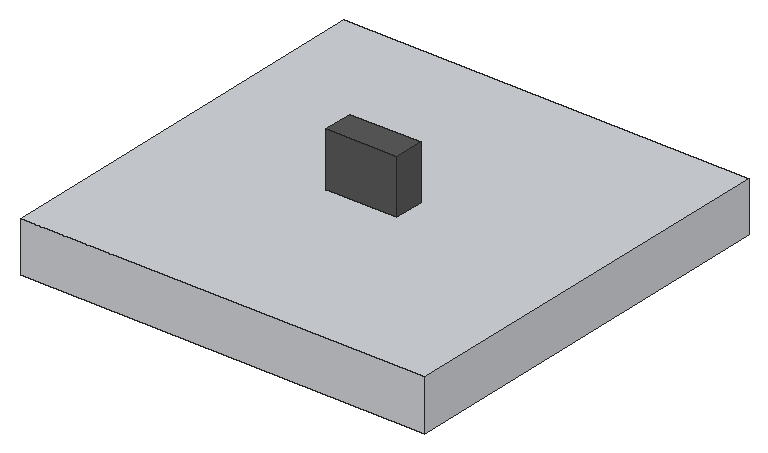
Revit family "r2018_videomax_server_OPS-SKUD_nastolnogo_ispolneniya", category Устройства связи, Revit 2018
Family settings
  Основа = Грань
  Сохранять ориентацию аннотаций = Да
  Размер круглого соединителя = Использовать диаметр
  Тип детали = Нормальный
  При загрузке вырезать с полостями = Нет
  Общий = Нет
  Точка расчета площади = Нет
Parameters (values of type "MINI TOWER")
  Ширина = 180 mm
  Указания по монтажу = "Для настольного размещения. Специальные монтажные аксессуары не требуются."
  Тип линейки = "Standart"
  Модель = ""
  Количество USB-портов, шт. = 2
  Количество COM-портов, шт. = 2
  Изображение типоразмера = Mini Tower.png
  Глубина = 425 mm
  Высота = 325 mm
  Material = Черный
  Стоимость = 0
  Default Elevation = 2600 mm
  Максимальное тепловыделение, BTU/h = Максимальная потребляемая мощность Вт * 3.412  # 0
  Максимальное количество подключаемых мониторов, шт = 0
  Максимальная потребляемая мощность Вт = 0
  Максимальная мощность БП, Вт = 0
  Количество интерфейсов Gigabit LAN, шт = 1
  Количество входов 230V, шт = 1
  Изготовитель = "ООО «Видеомакс»"  # constant formula
  URL = "https://www.videomax-server.ru/"
  LOD 500 [instance] = yes
  LOD 300 [instance] = yes
  ADSK_Этаж [instance] = ""
  ADSK_Ток = 0 A
  ADSK_Примечание [instance] = ""
  ADSK_Позиция [instance] = ""
  ADSK_Обозначение = "MINI TOWER"
  ADSK_Номинальная мощность = 0 VA
  ADSK_Напряжение = 230 V
  ADSK_Наименование = "Сервер ОПС-СКУД настольного исполнения MINI TOWER"
  ADSK_Масса = 0
  ADSK_Марка = "VIDEOMAX-SB"  # constant formula
  ADSK_Коэффициент мощности = 0.96
  ADSK_Количество = 1  # constant formula
  ADSK_Код изделия = "ТУ 26.20.13-005-37165186-2018"  # constant formula
  ADSK_Классификация нагрузок = none
  ADSK_Завод-изготовитель = "ООО «Видеомакс»"  # constant formula
  ADSK_Единица измерения = "шт."  # constant formula
  ADSK_Версия семейства = "v2"  # constant formula
  ADSK_Версия Revit = "2018"  # constant formula
Reference planes
  plane 1 "По центру (Вперед/Назад)": y = 0
  plane 2: z = 0
  plane 3 "По центру (Влево/Вправо)": through (0.038, 0.038, 0) normal (-1, 0.0001, 0)
  plane 4: z = 0
  plane 5: y = 99.468
  plane 6: x = -270.046
  plane 7: y = -80.532
  plane 8: x = 154.954
  plane 9: x = -57.546
  plane 10: y = 9.468
Forms (mm)
  Extrusion 1, solid
    sketch origin (-0.8, 20.8, 0) x (1, 0, 0) y (0, 1, 0)
      loop
        line (-1219.2, 1219.2) -> (-1219.2, -1219.2) -> (1219.2, -1219.2) -> (1219.2, 1219.2) -> (-1219.2, 1219.2)
    from 0 to -304.8
  Extrusion 2, solid, material "Черный" <- "Material", detail levels medium+fine
    sketch origin (-0.046, -3.103, 0) x (0, -1, 0) y (1, 0, 0)
      loop
        line (-102.57, -270) -> (77.43, -270) -> (77.43, 155) -> (-102.57, 155) -> (-102.57, -270)
    from 0 to 325
Lines and regions (mm)
  reference lines
    curve 1: line (-57.546, 95.362, 34.666) -> (-57.546, -79.638, 34.666)
    curve 2: line (-155.546, 9.424, 34.666) -> (-269.046, 9.424, 34.666)
  model lines, detail levels coarse
    curve 3: line (-270.046, 99.468, 0) -> (137.954, 99.468, 0)
    curve 4: line (137.954, -80.532, 0) -> (-270.046, -80.532, 0)
    curve 5: line (-270.046, -80.532, 0) -> (-270.046, 99.468, 0)
    curve 6: line (137.954, 99.468, 0) -> (137.954, -80.532, 0)
  model lines, style "InvisibleLines", detail levels coarse
    curve 7: line (137.954, 9.468, 0) -> (-270.046, 9.468, 0)
    curve 8: line (-66.046, 99.468, 0) -> (-66.046, -80.532, 0)
Dimensions and locks
  equal spacing: plane 8, plane 9, plane 6
  plane 8 to plane 6 = 425 mm
  equal spacing: plane 5, plane 10, plane 7
  plane 5 to plane 7 = 180 mm
  Extrusion 2 to Extrusion 2 = 325 mm
  aligned and locked: plane 2 to Extrusion 1
  aligned and locked: level to Extrusion 1
  aligned and locked: plane 5 to Extrusion 2  (x2)
  aligned and locked: plane 7 to Extrusion 2  (x2)
  aligned and locked: plane 8 to Extrusion 2  (x2)
  aligned and locked: plane 6 to Extrusion 2  (x2)
  aligned and locked: nested 2 to Extrusion 2  (x2)
  aligned and locked: Extrusion 2 to nested 1
  aligned and locked: Extrusion 2 to nested 4
  aligned and locked: nested 3 to Extrusion 2
  aligned and locked: nested 4 to Extrusion 2
  aligned and locked: Extrusion 2 to nested 3
  aligned and locked: nested 1 to Extrusion 2
Automatic sketch dimensions
  Extrusion 1 sketch curve to Extrusion 1 sketch curve = 2438.4 mm  (x2)
  curve 1 to plane 9 = 0 mm
  plane 7 to curve 1 = 0.894 mm
  plane 10 to curve 2 = 0.044 mm
  curve 2 to plane 9 = 98 mm
  plane 6 to curve 2 = 1 mm
  plane 5 to curve 1 = 4.106 mm
  curve 4 to curve 4 = 408 mm
  curve 4 to curve 3 = 180 mm
  curve 3 to curve 8 = 204 mm
  curve 4 to curve 7 = 90 mm
  plane 5 to Extrusion 2 sketch curve = 0 mm
  Extrusion 2 sketch curve to plane 7 = 0 mm
  Extrusion 2 sketch curve to plane 6 = 0 mm
  Extrusion 2 sketch curve to plane 8 = 0 mm
  plane 5 to curve 5 = 0 mm
  curve 7 to plane 6 = 0 mm
  plane 10 to curve 7 = 0 mm
  curve 5 to plane 7 = 0 mm
  curve 8 to plane 9 = 8.5 mm
  plane 8 to curve 3 = 17 mm
Nested families
  nested 1: "videomax_minitower" at (-270.046, 9.467, 8.15) x (0, -1, 0) z (-1, 0, 0), LOD500 <- "LOD 500", type "Front"
    with Right_500 no, Left_500 no, LOD500 yes, Front_500 yes, Back_500 no
  nested 2: "videomax_minitower" at (-57.547, 99.468, 8.15) x (-1, 0, 0) z (0, 1, 0), LOD500 <- "LOD 500", type "Left"
    with Right_500 no, Left_500 yes, LOD500 yes, Front_500 no, Back_500 no
  nested 3: "videomax_minitower" at (154.954, 9.468, 8.15) x (0, 1, 0) z (1, 0, 0), LOD500 <- "LOD 500", type "Back"
    with Right_500 no, Left_500 no, LOD500 yes, Front_500 no, Back_500 yes
  nested 4: "videomax_minitower" at (-57.547, -80.532, 8.15) x (1, 0, 0) z (0, -1, 0), LOD500 <- "LOD 500", type ""
    with Right_500 yes, Left_500 no, LOD500 yes, Front_500 no, Back_500 no
Connectors
  electrical at (-0.496, -2.303, 0), driven by "ADSK_Напряжение", driven by "ADSK_Коэффициент мощности", driven by "ADSK_Номинальная мощность"
    settings: on Extrusion 1, index 1, voltage 230 V, apparent load 0 VA, apparent load phase1 0 VA, apparent load phase2 0 VA, apparent load phase3 0 VA, power factor 0.96, load classification "Прочее", number of poles 1, system type 30, power factor state 0, is connector primary yes, connector utility yes, sub classification motor no, connector description ""
Definition of nested family "videomax_minitower"
  Parameters (values of type "Front")
    Default Elevation = 1219.2 mm
    Right_500 [instance] = and(Right, LOD500)  # no
    Right = no
    Left_500 [instance] = and(Left, LOD500)  # no
    Left = no
    LOD500 [instance] = yes
    Front_500 [instance] = and(Front, LOD500)  # yes
    Front = yes
    Back_500 [instance] = and(Back, LOD500)  # no
    Back = no
  Types (5, lengths in mm): name | Right | Left_500 | Left | LOD500 | Front_500 | Front | Back_500 | Back
    (no name) | no | no | no | yes | yes | yes | no | no
    Front | no | no | no | yes | yes | yes | no | no
    Back | no | no | no | yes | no | no | yes | yes
    Left | no | yes | yes | yes | no | no | no | no
    Right | yes | no | no | no | no | no | no | no
  Reference planes
    plane 1 "По центру (Вперед/Назад)": y = 0
    plane 2: z = 0
    plane 3 "По центру (Влево/Вправо)": x = 0
  Lines and regions (mm)
    model lines, visible <- "Left_500", detail levels fine
      curve 1: circle (-175.174, 65.385, 0) r 1.91 normal (0, 0, 1)
      curve 2: circle (-179.287, 61.989, 0) r 1.91 normal (0, 0, 1)
      curve 3: circle (-175.174, 58.245, 0) r 1.91 normal (0, 0, 1)
      curve 4: circle (-179.287, 54.849, 0) r 1.91 normal (0, 0, 1)
      curve 5: circle (-175.174, 51.426, 0) r 1.91 normal (0, 0, 1)
      curve 6: circle (-179.287, 48.03, 0) r 1.91 normal (0, 0, 1)
      curve 7: circle (-175.174, 44.287, 0) r 1.91 normal (0, 0, 1)
      curve 8: circle (-179.287, 40.891, 0) r 1.91 normal (0, 0, 1)
      curve 9: circle (-175.174, 37.467, 0) r 1.91 normal (0, 0, 1)
      curve 10: circle (-179.287, 34.316, 0) r 1.91 normal (0, 0, 1)
      curve 11: circle (-175.174, 30.572, 0) r 1.91 normal (0, 0, 1)
      curve 12: circle (-179.287, 27.176, 0) r 1.91 normal (0, 0, 1)
      curve 13: circle (-166.946, 65.291, 0) r 1.91 normal (0, 0, 1)
      curve 14: circle (-171.06, 61.895, 0) r 1.91 normal (0, 0, 1)
      curve 15: circle (-166.946, 58.151, 0) r 1.91 normal (0, 0, 1)
      curve 16: circle (-171.06, 54.755, 0) r 1.91 normal (0, 0, 1)
      curve 17: circle (-166.946, 51.332, 0) r 1.91 normal (0, 0, 1)
      curve 18: circle (-171.06, 47.936, 0) r 1.91 normal (0, 0, 1)
      curve 19: circle (-166.946, 44.192, 0) r 1.91 normal (0, 0, 1)
      curve 20: circle (-171.06, 40.796, 0) r 1.91 normal (0, 0, 1)
      curve 21: circle (-166.946, 37.373, 0) r 1.91 normal (0, 0, 1)
      curve 22: circle (-171.06, 34.221, 0) r 1.91 normal (0, 0, 1)
      curve 23: circle (-166.946, 30.478, 0) r 1.91 normal (0, 0, 1)
      curve 24: circle (-171.06, 27.082, 0) r 1.91 normal (0, 0, 1)
      curve 25: circle (-158.719, 65.479, 0) r 1.91 normal (0, 0, 1)
      curve 26: circle (-162.832, 62.083, 0) r 1.91 normal (0, 0, 1)
      curve 27: circle (-158.719, 58.34, 0) r 1.91 normal (0, 0, 1)
      curve 28: circle (-162.832, 54.944, 0) r 1.91 normal (0, 0, 1)
      curve 29: circle (-158.719, 51.521, 0) r 1.91 normal (0, 0, 1)
      curve 30: circle (-162.832, 48.125, 0) r 1.91 normal (0, 0, 1)
      curve 31: circle (-158.719, 44.381, 0) r 1.91 normal (0, 0, 1)
      curve 32: circle (-162.832, 40.985, 0) r 1.91 normal (0, 0, 1)
      curve 33: circle (-158.719, 37.562, 0) r 1.91 normal (0, 0, 1)
      curve 34: circle (-162.832, 34.41, 0) r 1.91 normal (0, 0, 1)
      curve 35: circle (-158.719, 30.666, 0) r 1.91 normal (0, 0, 1)
      curve 36: circle (-162.832, 27.271, 0) r 1.91 normal (0, 0, 1)
      curve 37: circle (-150.491, 65.243, 0) r 1.91 normal (0, 0, 1)
      curve 38: circle (-154.605, 61.848, 0) r 1.91 normal (0, 0, 1)
      curve 39: circle (-150.491, 58.104, 0) r 1.91 normal (0, 0, 1)
      curve 40: circle (-154.605, 54.708, 0) r 1.91 normal (0, 0, 1)
      curve 41: circle (-150.491, 51.285, 0) r 1.91 normal (0, 0, 1)
      curve 42: circle (-154.605, 47.889, 0) r 1.91 normal (0, 0, 1)
      curve 43: circle (-150.491, 44.145, 0) r 1.91 normal (0, 0, 1)
      curve 44: circle (-154.605, 40.749, 0) r 1.91 normal (0, 0, 1)
      curve 45: circle (-150.491, 37.326, 0) r 1.91 normal (0, 0, 1)
      curve 46: circle (-154.605, 34.174, 0) r 1.91 normal (0, 0, 1)
      curve 47: circle (-150.491, 30.43, 0) r 1.91 normal (0, 0, 1)
      curve 48: circle (-154.605, 27.035, 0) r 1.91 normal (0, 0, 1)
      curve 49: circle (-142.264, 65.385, 0) r 1.91 normal (0, 0, 1)
      curve 50: circle (-146.377, 61.989, 0) r 1.91 normal (0, 0, 1)
      curve 51: circle (-142.264, 58.245, 0) r 1.91 normal (0, 0, 1)
      curve 52: circle (-146.377, 54.849, 0) r 1.91 normal (0, 0, 1)
      curve 53: circle (-142.264, 51.426, 0) r 1.91 normal (0, 0, 1)
      curve 54: circle (-146.377, 48.03, 0) r 1.91 normal (0, 0, 1)
      curve 55: circle (-142.264, 44.287, 0) r 1.91 normal (0, 0, 1)
      curve 56: circle (-146.377, 40.891, 0) r 1.91 normal (0, 0, 1)
      curve 57: circle (-142.264, 37.467, 0) r 1.91 normal (0, 0, 1)
      curve 58: circle (-146.377, 34.316, 0) r 1.91 normal (0, 0, 1)
      curve 59: circle (-142.264, 30.572, 0) r 1.91 normal (0, 0, 1)
      curve 60: circle (-146.377, 27.176, 0) r 1.91 normal (0, 0, 1)
      curve 61: circle (-134.036, 65.291, 0) r 1.91 normal (0, 0, 1)
      curve 62: circle (-138.15, 61.895, 0) r 1.91 normal (0, 0, 1)
      curve 63: circle (-134.036, 58.151, 0) r 1.91 normal (0, 0, 1)
      curve 64: circle (-138.15, 54.755, 0) r 1.91 normal (0, 0, 1)
      curve 65: circle (-134.036, 51.332, 0) r 1.91 normal (0, 0, 1)
      curve 66: circle (-138.15, 47.936, 0) r 1.91 normal (0, 0, 1)
      curve 67: circle (-134.036, 44.192, 0) r 1.91 normal (0, 0, 1)
      curve 68: circle (-138.15, 40.796, 0) r 1.91 normal (0, 0, 1)
      curve 69: circle (-134.036, 37.373, 0) r 1.91 normal (0, 0, 1)
      curve 70: circle (-138.15, 34.221, 0) r 1.91 normal (0, 0, 1)
      curve 71: circle (-134.036, 30.478, 0) r 1.91 normal (0, 0, 1)
      curve 72: circle (-138.15, 27.082, 0) r 1.91 normal (0, 0, 1)
      curve 73: circle (-125.809, 65.479, 0) r 1.91 normal (0, 0, 1)
      curve 74: circle (-129.923, 62.083, 0) r 1.91 normal (0, 0, 1)
      curve 75: circle (-125.809, 58.34, 0) r 1.91 normal (0, 0, 1)
      curve 76: circle (-129.923, 54.944, 0) r 1.91 normal (0, 0, 1)
      curve 77: circle (-125.809, 51.52, 0) r 1.91 normal (0, 0, 1)
      curve 78: circle (-129.923, 48.125, 0) r 1.91 normal (0, 0, 1)
      curve 79: circle (-125.809, 44.381, 0) r 1.91 normal (0, 0, 1)
      curve 80: circle (-129.923, 40.985, 0) r 1.91 normal (0, 0, 1)
      curve 81: circle (-125.809, 37.562, 0) r 1.91 normal (0, 0, 1)
      curve 82: circle (-129.923, 34.41, 0) r 1.91 normal (0, 0, 1)
      curve 83: circle (-125.809, 30.666, 0) r 1.91 normal (0, 0, 1)
      curve 84: circle (-129.923, 27.27, 0) r 1.91 normal (0, 0, 1)
      curve 85: circle (-117.581, 65.385, 0) r 1.91 normal (0, 0, 1)
      curve 86: circle (-121.695, 61.989, 0) r 1.91 normal (0, 0, 1)
      curve 87: circle (-117.581, 58.245, 0) r 1.91 normal (0, 0, 1)
      curve 88: circle (-121.695, 54.849, 0) r 1.91 normal (0, 0, 1)
      curve 89: circle (-117.581, 51.426, 0) r 1.91 normal (0, 0, 1)
      curve 90: circle (-121.695, 48.03, 0) r 1.91 normal (0, 0, 1)
      curve 91: circle (-117.581, 44.287, 0) r 1.91 normal (0, 0, 1)
      curve 92: circle (-121.695, 40.891, 0) r 1.91 normal (0, 0, 1)
      curve 93: circle (-117.581, 37.467, 0) r 1.91 normal (0, 0, 1)
      curve 94: circle (-121.695, 34.316, 0) r 1.91 normal (0, 0, 1)
      curve 95: circle (-117.581, 30.572, 0) r 1.91 normal (0, 0, 1)
      curve 96: circle (-121.695, 27.176, 0) r 1.91 normal (0, 0, 1)
      curve 97: circle (-109.354, 65.574, 0) r 1.91 normal (0, 0, 1)
      curve 98: circle (-113.467, 62.178, 0) r 1.91 normal (0, 0, 1)
      curve 99: circle (-109.354, 58.434, 0) r 1.91 normal (0, 0, 1)
      curve 100: circle (-113.467, 55.038, 0) r 1.91 normal (0, 0, 1)
      curve 101: circle (-109.354, 51.615, 0) r 1.91 normal (0, 0, 1)
      curve 102: circle (-113.467, 48.219, 0) r 1.91 normal (0, 0, 1)
      curve 103: circle (-109.354, 44.475, 0) r 1.91 normal (0, 0, 1)
      curve 104: circle (-113.467, 41.079, 0) r 1.91 normal (0, 0, 1)
      curve 105: circle (-109.354, 37.656, 0) r 1.91 normal (0, 0, 1)
      curve 106: circle (-113.467, 34.504, 0) r 1.91 normal (0, 0, 1)
      curve 107: circle (-109.354, 30.761, 0) r 1.91 normal (0, 0, 1)
      curve 108: circle (-113.467, 27.365, 0) r 1.91 normal (0, 0, 1)
      curve 109: circle (-101.126, 65.338, 0) r 1.91 normal (0, 0, 1)
      curve 110: circle (-105.24, 61.942, 0) r 1.91 normal (0, 0, 1)
      curve 111: circle (-101.126, 58.198, 0) r 1.91 normal (0, 0, 1)
      curve 112: circle (-105.24, 54.802, 0) r 1.91 normal (0, 0, 1)
      curve 113: circle (-101.126, 51.379, 0) r 1.91 normal (0, 0, 1)
      curve 114: circle (-105.24, 47.983, 0) r 1.91 normal (0, 0, 1)
      curve 115: circle (-101.126, 44.239, 0) r 1.91 normal (0, 0, 1)
      curve 116: circle (-105.24, 40.844, 0) r 1.91 normal (0, 0, 1)
      curve 117: circle (-101.126, 37.42, 0) r 1.91 normal (0, 0, 1)
      curve 118: circle (-105.24, 34.269, 0) r 1.91 normal (0, 0, 1)
      curve 119: circle (-101.126, 30.525, 0) r 1.91 normal (0, 0, 1)
      curve 120: circle (-105.24, 27.129, 0) r 1.91 normal (0, 0, 1)
      curve 121: circle (-92.899, 65.479, 0) r 1.91 normal (0, 0, 1)
      curve 122: circle (-97.013, 62.083, 0) r 1.91 normal (0, 0, 1)
      curve 123: circle (-92.899, 58.34, 0) r 1.91 normal (0, 0, 1)
      curve 124: circle (-97.013, 54.944, 0) r 1.91 normal (0, 0, 1)
      curve 125: circle (-92.899, 51.52, 0) r 1.91 normal (0, 0, 1)
      curve 126: circle (-97.013, 48.125, 0) r 1.91 normal (0, 0, 1)
      curve 127: circle (-92.899, 44.381, 0) r 1.91 normal (0, 0, 1)
      curve 128: circle (-97.013, 40.985, 0) r 1.91 normal (0, 0, 1)
      curve 129: circle (-92.899, 37.562, 0) r 1.91 normal (0, 0, 1)
      curve 130: circle (-97.013, 34.41, 0) r 1.91 normal (0, 0, 1)
      curve 131: circle (-92.899, 30.666, 0) r 1.91 normal (0, 0, 1)
      curve 132: circle (-97.013, 27.27, 0) r 1.91 normal (0, 0, 1)
      curve 133: circle (-84.672, 65.385, 0) r 1.91 normal (0, 0, 1)
      curve 134: circle (-88.785, 61.989, 0) r 1.91 normal (0, 0, 1)
      curve 135: circle (-84.672, 58.245, 0) r 1.91 normal (0, 0, 1)
      curve 136: circle (-88.785, 54.849, 0) r 1.91 normal (0, 0, 1)
      curve 137: circle (-84.672, 51.426, 0) r 1.91 normal (0, 0, 1)
      curve 138: circle (-88.785, 48.03, 0) r 1.91 normal (0, 0, 1)
      curve 139: circle (-84.672, 44.287, 0) r 1.91 normal (0, 0, 1)
      curve 140: circle (-88.785, 40.891, 0) r 1.91 normal (0, 0, 1)
      curve 141: circle (-84.672, 37.467, 0) r 1.91 normal (0, 0, 1)
      curve 142: circle (-88.785, 34.316, 0) r 1.91 normal (0, 0, 1)
      curve 143: circle (-84.672, 30.572, 0) r 1.91 normal (0, 0, 1)
      curve 144: circle (-88.785, 27.176, 0) r 1.91 normal (0, 0, 1)
      curve 145: circle (-76.236, 65.432, 0) r 1.91 normal (0, 0, 1)
      curve 146: circle (-80.349, 62.036, 0) r 1.91 normal (0, 0, 1)
      curve 147: circle (-76.236, 58.292, 0) r 1.91 normal (0, 0, 1)
      curve 148: circle (-80.349, 54.897, 0) r 1.91 normal (0, 0, 1)
      curve 149: circle (-76.236, 51.473, 0) r 1.91 normal (0, 0, 1)
      curve 150: circle (-80.349, 48.078, 0) r 1.91 normal (0, 0, 1)
      curve 151: circle (-76.236, 44.334, 0) r 1.91 normal (0, 0, 1)
      curve 152: circle (-80.349, 40.938, 0) r 1.91 normal (0, 0, 1)
      curve 153: circle (-76.236, 37.515, 0) r 1.91 normal (0, 0, 1)
      curve 154: circle (-80.349, 34.363, 0) r 1.91 normal (0, 0, 1)
      curve 155: circle (-76.236, 30.619, 0) r 1.91 normal (0, 0, 1)
      curve 156: circle (-80.349, 27.223, 0) r 1.91 normal (0, 0, 1)
      curve 157: circle (-68.008, 65.338, 0) r 1.91 normal (0, 0, 1)
      curve 158: circle (-72.122, 61.942, 0) r 1.91 normal (0, 0, 1)
      curve 159: circle (-68.008, 58.198, 0) r 1.91 normal (0, 0, 1)
      curve 160: circle (-72.122, 54.802, 0) r 1.91 normal (0, 0, 1)
      curve 161: circle (-68.008, 51.379, 0) r 1.91 normal (0, 0, 1)
      curve 162: circle (-72.122, 47.983, 0) r 1.91 normal (0, 0, 1)
      curve 163: circle (-68.008, 44.239, 0) r 1.91 normal (0, 0, 1)
      curve 164: circle (-72.122, 40.844, 0) r 1.91 normal (0, 0, 1)
      curve 165: circle (-68.008, 37.42, 0) r 1.91 normal (0, 0, 1)
      curve 166: circle (-72.122, 34.269, 0) r 1.91 normal (0, 0, 1)
      curve 167: circle (-68.008, 30.525, 0) r 1.91 normal (0, 0, 1)
      curve 168: circle (-72.122, 27.129, 0) r 1.91 normal (0, 0, 1)
      curve 169: circle (-59.781, 65.526, 0) r 1.91 normal (0, 0, 1)
      curve 170: circle (-63.894, 62.131, 0) r 1.91 normal (0, 0, 1)
      curve 171: circle (-59.781, 58.387, 0) r 1.91 normal (0, 0, 1)
      curve 172: circle (-63.894, 54.991, 0) r 1.91 normal (0, 0, 1)
      curve 173: circle (-59.781, 51.568, 0) r 1.91 normal (0, 0, 1)
      curve 174: circle (-63.894, 48.172, 0) r 1.91 normal (0, 0, 1)
      curve 175: circle (-59.781, 44.428, 0) r 1.91 normal (0, 0, 1)
      curve 176: circle (-63.894, 41.032, 0) r 1.91 normal (0, 0, 1)
      curve 177: circle (-59.781, 37.609, 0) r 1.91 normal (0, 0, 1)
      curve 178: circle (-63.894, 34.457, 0) r 1.91 normal (0, 0, 1)
      curve 179: circle (-59.781, 30.714, 0) r 1.91 normal (0, 0, 1)
      curve 180: circle (-63.894, 27.318, 0) r 1.91 normal (0, 0, 1)
      curve 181: circle (-51.553, 65.291, 0) r 1.91 normal (0, 0, 1)
      curve 182: circle (-55.667, 61.895, 0) r 1.91 normal (0, 0, 1)
      curve 183: circle (-51.553, 58.151, 0) r 1.91 normal (0, 0, 1)
      curve 184: circle (-55.667, 54.755, 0) r 1.91 normal (0, 0, 1)
      curve 185: circle (-51.553, 51.332, 0) r 1.91 normal (0, 0, 1)
      curve 186: circle (-55.667, 47.936, 0) r 1.91 normal (0, 0, 1)
      curve 187: circle (-51.553, 44.192, 0) r 1.91 normal (0, 0, 1)
      curve 188: circle (-55.667, 40.796, 0) r 1.91 normal (0, 0, 1)
      curve 189: circle (-51.553, 37.373, 0) r 1.91 normal (0, 0, 1)
      curve 190: circle (-55.667, 34.221, 0) r 1.91 normal (0, 0, 1)
      curve 191: circle (-51.553, 30.478, 0) r 1.91 normal (0, 0, 1)
      curve 192: circle (-55.667, 27.082, 0) r 1.91 normal (0, 0, 1)
      curve 193: circle (-43.326, 65.432, 0) r 1.91 normal (0, 0, 1)
      curve 194: circle (-47.439, 62.036, 0) r 1.91 normal (0, 0, 1)
      curve 195: circle (-43.326, 58.292, 0) r 1.91 normal (0, 0, 1)
      curve 196: circle (-47.439, 54.897, 0) r 1.91 normal (0, 0, 1)
      curve 197: circle (-43.326, 51.473, 0) r 1.91 normal (0, 0, 1)
      curve 198: circle (-47.439, 48.078, 0) r 1.91 normal (0, 0, 1)
      curve 199: circle (-43.326, 44.334, 0) r 1.91 normal (0, 0, 1)
      curve 200: circle (-47.439, 40.938, 0) r 1.91 normal (0, 0, 1)
      curve 201: circle (-43.326, 37.515, 0) r 1.91 normal (0, 0, 1)
      curve 202: circle (-47.439, 34.363, 0) r 1.91 normal (0, 0, 1)
      curve 203: circle (-43.326, 30.619, 0) r 1.91 normal (0, 0, 1)
      curve 204: circle (-47.439, 27.223, 0) r 1.91 normal (0, 0, 1)
      curve 205: circle (-35.098, 65.338, 0) r 1.91 normal (0, 0, 1)
      curve 206: circle (-39.212, 61.942, 0) r 1.91 normal (0, 0, 1)
      curve 207: circle (-35.098, 58.198, 0) r 1.91 normal (0, 0, 1)
      curve 208: circle (-39.212, 54.802, 0) r 1.91 normal (0, 0, 1)
      curve 209: circle (-35.098, 51.379, 0) r 1.91 normal (0, 0, 1)
      curve 210: circle (-39.212, 47.983, 0) r 1.91 normal (0, 0, 1)
      curve 211: circle (-35.098, 44.239, 0) r 1.91 normal (0, 0, 1)
      curve 212: circle (-39.212, 40.844, 0) r 1.91 normal (0, 0, 1)
      curve 213: circle (-35.098, 37.42, 0) r 1.91 normal (0, 0, 1)
      curve 214: circle (-39.212, 34.269, 0) r 1.91 normal (0, 0, 1)
      curve 215: circle (-35.098, 30.525, 0) r 1.91 normal (0, 0, 1)
      curve 216: circle (-39.212, 27.129, 0) r 1.91 normal (0, 0, 1)
      curve 217: circle (-26.917, 65.385, 0) r 1.91 normal (0, 0, 1)
      curve 218: circle (-31.031, 61.989, 0) r 1.91 normal (0, 0, 1)
      curve 219: circle (-26.917, 58.245, 0) r 1.91 normal (0, 0, 1)
      curve 220: circle (-31.031, 54.849, 0) r 1.91 normal (0, 0, 1)
      curve 221: circle (-26.917, 51.426, 0) r 1.91 normal (0, 0, 1)
      curve 222: circle (-31.031, 48.03, 0) r 1.91 normal (0, 0, 1)
      curve 223: circle (-26.917, 44.287, 0) r 1.91 normal (0, 0, 1)
      curve 224: circle (-31.031, 40.891, 0) r 1.91 normal (0, 0, 1)
      curve 225: circle (-26.917, 37.467, 0) r 1.91 normal (0, 0, 1)
      curve 226: circle (-31.031, 34.316, 0) r 1.91 normal (0, 0, 1)
      curve 227: circle (-26.917, 30.572, 0) r 1.91 normal (0, 0, 1)
      curve 228: circle (-31.031, 27.176, 0) r 1.91 normal (0, 0, 1)
      curve 229: circle (-18.69, 65.291, 0) r 1.91 normal (0, 0, 1)
      curve 230: circle (-22.804, 61.895, 0) r 1.91 normal (0, 0, 1)
      curve 231: circle (-18.69, 58.151, 0) r 1.91 normal (0, 0, 1)
      curve 232: circle (-22.804, 54.755, 0) r 1.91 normal (0, 0, 1)
      curve 233: circle (-18.69, 51.332, 0) r 1.91 normal (0, 0, 1)
      curve 234: circle (-22.804, 47.936, 0) r 1.91 normal (0, 0, 1)
      curve 235: circle (-18.69, 44.192, 0) r 1.91 normal (0, 0, 1)
      curve 236: circle (-22.804, 40.796, 0) r 1.91 normal (0, 0, 1)
      curve 237: circle (-18.69, 37.373, 0) r 1.91 normal (0, 0, 1)
      curve 238: circle (-22.804, 34.221, 0) r 1.91 normal (0, 0, 1)
      curve 239: circle (-18.69, 30.478, 0) r 1.91 normal (0, 0, 1)
      curve 240: circle (-22.804, 27.082, 0) r 1.91 normal (0, 0, 1)
      curve 241: circle (-10.462, 65.479, 0) r 1.91 normal (0, 0, 1)
      curve 242: circle (-14.576, 62.083, 0) r 1.91 normal (0, 0, 1)
      curve 243: circle (-10.462, 58.34, 0) r 1.91 normal (0, 0, 1)
      curve 244: circle (-14.576, 54.944, 0) r 1.91 normal (0, 0, 1)
      curve 245: circle (-10.462, 51.521, 0) r 1.91 normal (0, 0, 1)
      curve 246: circle (-14.576, 48.125, 0) r 1.91 normal (0, 0, 1)
      curve 247: circle (-10.462, 44.381, 0) r 1.91 normal (0, 0, 1)
      curve 248: circle (-14.576, 40.985, 0) r 1.91 normal (0, 0, 1)
      curve 249: circle (-10.462, 37.562, 0) r 1.91 normal (0, 0, 1)
      curve 250: circle (-14.576, 34.41, 0) r 1.91 normal (0, 0, 1)
      curve 251: circle (-10.462, 30.666, 0) r 1.91 normal (0, 0, 1)
      curve 252: circle (-14.576, 27.271, 0) r 1.91 normal (0, 0, 1)
      curve 253: circle (-2.235, 65.243, 0) r 1.91 normal (0, 0, 1)
      curve 254: circle (-6.349, 61.848, 0) r 1.91 normal (0, 0, 1)
      curve 255: circle (-2.235, 58.104, 0) r 1.91 normal (0, 0, 1)
      curve 256: circle (-6.349, 54.708, 0) r 1.91 normal (0, 0, 1)
      curve 257: circle (-2.235, 51.285, 0) r 1.91 normal (0, 0, 1)
      curve 258: circle (-6.349, 47.889, 0) r 1.91 normal (0, 0, 1)
      curve 259: circle (-2.235, 44.145, 0) r 1.91 normal (0, 0, 1)
      curve 260: circle (-6.349, 40.749, 0) r 1.91 normal (0, 0, 1)
      curve 261: circle (-2.235, 37.326, 0) r 1.91 normal (0, 0, 1)
      curve 262: circle (-6.349, 34.174, 0) r 1.91 normal (0, 0, 1)
      curve 263: circle (-2.235, 30.43, 0) r 1.91 normal (0, 0, 1)
      curve 264: circle (-6.349, 27.035, 0) r 1.91 normal (0, 0, 1)
      curve 265: circle (5.992, 65.385, 0) r 1.91 normal (0, 0, 1)
      curve 266: circle (1.879, 61.989, 0) r 1.91 normal (0, 0, 1)
      curve 267: circle (5.992, 58.245, 0) r 1.91 normal (0, 0, 1)
      curve 268: circle (1.879, 54.849, 0) r 1.91 normal (0, 0, 1)
      curve 269: circle (5.992, 51.426, 0) r 1.91 normal (0, 0, 1)
      curve 270: circle (1.879, 48.03, 0) r 1.91 normal (0, 0, 1)
      curve 271: circle (5.992, 44.287, 0) r 1.91 normal (0, 0, 1)
      curve 272: circle (1.879, 40.891, 0) r 1.91 normal (0, 0, 1)
      curve 273: circle (5.992, 37.467, 0) r 1.91 normal (0, 0, 1)
      curve 274: circle (1.879, 34.316, 0) r 1.91 normal (0, 0, 1)
      curve 275: circle (5.992, 30.572, 0) r 1.91 normal (0, 0, 1)
      curve 276: circle (1.879, 27.176, 0) r 1.91 normal (0, 0, 1)
      curve 277: circle (14.22, 65.291, 0) r 1.91 normal (0, 0, 1)
      curve 278: circle (10.106, 61.895, 0) r 1.91 normal (0, 0, 1)
      curve 279: circle (14.22, 58.151, 0) r 1.91 normal (0, 0, 1)
      curve 280: circle (10.106, 54.755, 0) r 1.91 normal (0, 0, 1)
      curve 281: circle (14.22, 51.332, 0) r 1.91 normal (0, 0, 1)
      curve 282: circle (10.106, 47.936, 0) r 1.91 normal (0, 0, 1)
      curve 283: circle (14.22, 44.192, 0) r 1.91 normal (0, 0, 1)
      curve 284: circle (10.106, 40.796, 0) r 1.91 normal (0, 0, 1)
      curve 285: circle (14.22, 37.373, 0) r 1.91 normal (0, 0, 1)
      curve 286: circle (10.106, 34.221, 0) r 1.91 normal (0, 0, 1)
      curve 287: circle (14.22, 30.478, 0) r 1.91 normal (0, 0, 1)
      curve 288: circle (10.106, 27.082, 0) r 1.91 normal (0, 0, 1)
      curve 289: circle (22.447, 65.479, 0) r 1.91 normal (0, 0, 1)
      curve 290: circle (18.334, 62.083, 0) r 1.91 normal (0, 0, 1)
      curve 291: circle (22.447, 58.34, 0) r 1.91 normal (0, 0, 1)
      curve 292: circle (18.334, 54.944, 0) r 1.91 normal (0, 0, 1)
      curve 293: circle (22.447, 51.52, 0) r 1.91 normal (0, 0, 1)
      curve 294: circle (18.334, 48.125, 0) r 1.91 normal (0, 0, 1)
      curve 295: circle (22.447, 44.381, 0) r 1.91 normal (0, 0, 1)
      curve 296: circle (18.334, 40.985, 0) r 1.91 normal (0, 0, 1)
      curve 297: circle (22.447, 37.562, 0) r 1.91 normal (0, 0, 1)
      curve 298: circle (18.334, 34.41, 0) r 1.91 normal (0, 0, 1)
      curve 299: circle (22.447, 30.666, 0) r 1.91 normal (0, 0, 1)
      curve 300: circle (18.334, 27.27, 0) r 1.91 normal (0, 0, 1)
      curve 301: circle (30.675, 65.385, 0) r 1.91 normal (0, 0, 1)
      curve 302: circle (26.561, 61.989, 0) r 1.91 normal (0, 0, 1)
      curve 303: circle (30.675, 58.245, 0) r 1.91 normal (0, 0, 1)
      curve 304: circle (26.561, 54.849, 0) r 1.91 normal (0, 0, 1)
      curve 305: circle (30.675, 51.426, 0) r 1.91 normal (0, 0, 1)
      curve 306: circle (26.561, 48.03, 0) r 1.91 normal (0, 0, 1)
      curve 307: circle (30.675, 44.287, 0) r 1.91 normal (0, 0, 1)
      curve 308: circle (26.561, 40.891, 0) r 1.91 normal (0, 0, 1)
      curve 309: circle (30.675, 37.467, 0) r 1.91 normal (0, 0, 1)
      curve 310: circle (26.561, 34.316, 0) r 1.91 normal (0, 0, 1)
      curve 311: circle (30.675, 30.572, 0) r 1.91 normal (0, 0, 1)
      curve 312: circle (26.561, 27.176, 0) r 1.91 normal (0, 0, 1)
      curve 313: circle (38.902, 65.574, 0) r 1.91 normal (0, 0, 1)
      curve 314: circle (34.789, 62.178, 0) r 1.91 normal (0, 0, 1)
      curve 315: circle (38.902, 58.434, 0) r 1.91 normal (0, 0, 1)
      curve 316: circle (34.789, 55.038, 0) r 1.91 normal (0, 0, 1)
      curve 317: circle (38.902, 51.615, 0) r 1.91 normal (0, 0, 1)
      curve 318: circle (34.789, 48.219, 0) r 1.91 normal (0, 0, 1)
      curve 319: circle (38.902, 44.475, 0) r 1.91 normal (0, 0, 1)
      curve 320: circle (34.789, 41.079, 0) r 1.91 normal (0, 0, 1)
      curve 321: circle (38.902, 37.656, 0) r 1.91 normal (0, 0, 1)
      curve 322: circle (34.789, 34.504, 0) r 1.91 normal (0, 0, 1)
      curve 323: circle (38.902, 30.761, 0) r 1.91 normal (0, 0, 1)
      curve 324: circle (34.789, 27.365, 0) r 1.91 normal (0, 0, 1)
      curve 325: circle (47.13, 65.338, 0) r 1.91 normal (0, 0, 1)
      curve 326: circle (43.016, 61.942, 0) r 1.91 normal (0, 0, 1)
      curve 327: circle (47.13, 58.198, 0) r 1.91 normal (0, 0, 1)
      curve 328: circle (43.016, 54.802, 0) r 1.91 normal (0, 0, 1)
      curve 329: circle (47.13, 51.379, 0) r 1.91 normal (0, 0, 1)
      curve 330: circle (43.016, 47.983, 0) r 1.91 normal (0, 0, 1)
      curve 331: circle (47.13, 44.239, 0) r 1.91 normal (0, 0, 1)
      curve 332: circle (43.016, 40.844, 0) r 1.91 normal (0, 0, 1)
      curve 333: circle (47.13, 37.42, 0) r 1.91 normal (0, 0, 1)
      curve 334: circle (43.016, 34.269, 0) r 1.91 normal (0, 0, 1)
      curve 335: circle (47.13, 30.525, 0) r 1.91 normal (0, 0, 1)
      curve 336: circle (43.016, 27.129, 0) r 1.91 normal (0, 0, 1)
      curve 337: circle (55.357, 65.479, 0) r 1.91 normal (0, 0, 1)
      curve 338: circle (51.244, 62.083, 0) r 1.91 normal (0, 0, 1)
      curve 339: circle (55.357, 58.34, 0) r 1.91 normal (0, 0, 1)
      curve 340: circle (51.244, 54.944, 0) r 1.91 normal (0, 0, 1)
      curve 341: circle (55.357, 51.52, 0) r 1.91 normal (0, 0, 1)
      curve 342: circle (51.244, 48.125, 0) r 1.91 normal (0, 0, 1)
      curve 343: circle (55.357, 44.381, 0) r 1.91 normal (0, 0, 1)
      curve 344: circle (51.244, 40.985, 0) r 1.91 normal (0, 0, 1)
      curve 345: circle (55.357, 37.562, 0) r 1.91 normal (0, 0, 1)
      curve 346: circle (51.244, 34.41, 0) r 1.91 normal (0, 0, 1)
      curve 347: circle (55.357, 30.666, 0) r 1.91 normal (0, 0, 1)
      curve 348: circle (51.244, 27.27, 0) r 1.91 normal (0, 0, 1)
      curve 349: circle (63.585, 65.385, 0) r 1.91 normal (0, 0, 1)
      curve 350: circle (59.471, 61.989, 0) r 1.91 normal (0, 0, 1)
      curve 351: circle (63.585, 58.245, 0) r 1.91 normal (0, 0, 1)
      curve 352: circle (59.471, 54.849, 0) r 1.91 normal (0, 0, 1)
      curve 353: circle (63.585, 51.426, 0) r 1.91 normal (0, 0, 1)
      curve 354: circle (59.471, 48.03, 0) r 1.91 normal (0, 0, 1)
      curve 355: circle (63.585, 44.287, 0) r 1.91 normal (0, 0, 1)
      curve 356: circle (59.471, 40.891, 0) r 1.91 normal (0, 0, 1)
      curve 357: circle (63.585, 37.467, 0) r 1.91 normal (0, 0, 1)
      curve 358: circle (59.471, 34.316, 0) r 1.91 normal (0, 0, 1)
      curve 359: circle (63.585, 30.572, 0) r 1.91 normal (0, 0, 1)
      curve 360: circle (59.471, 27.176, 0) r 1.91 normal (0, 0, 1)
      curve 361: circle (72.02, 65.432, 0) r 1.91 normal (0, 0, 1)
      curve 362: circle (67.907, 62.036, 0) r 1.91 normal (0, 0, 1)
      curve 363: circle (72.02, 58.292, 0) r 1.91 normal (0, 0, 1)
      curve 364: circle (67.907, 54.897, 0) r 1.91 normal (0, 0, 1)
      curve 365: circle (72.02, 51.473, 0) r 1.91 normal (0, 0, 1)
      curve 366: circle (67.907, 48.078, 0) r 1.91 normal (0, 0, 1)
      curve 367: circle (72.02, 44.334, 0) r 1.91 normal (0, 0, 1)
      curve 368: circle (67.907, 40.938, 0) r 1.91 normal (0, 0, 1)
      curve 369: circle (72.02, 37.515, 0) r 1.91 normal (0, 0, 1)
      curve 370: circle (67.907, 34.363, 0) r 1.91 normal (0, 0, 1)
      curve 371: circle (72.02, 30.619, 0) r 1.91 normal (0, 0, 1)
      curve 372: circle (67.907, 27.223, 0) r 1.91 normal (0, 0, 1)
      curve 373: circle (80.248, 65.338, 0) r 1.91 normal (0, 0, 1)
      curve 374: circle (76.134, 61.942, 0) r 1.91 normal (0, 0, 1)
      curve 375: circle (80.248, 58.198, 0) r 1.91 normal (0, 0, 1)
      curve 376: circle (76.134, 54.802, 0) r 1.91 normal (0, 0, 1)
      curve 377: circle (80.248, 51.379, 0) r 1.91 normal (0, 0, 1)
      curve 378: circle (76.134, 47.983, 0) r 1.91 normal (0, 0, 1)
      curve 379: circle (80.248, 44.239, 0) r 1.91 normal (0, 0, 1)
      curve 380: circle (76.134, 40.844, 0) r 1.91 normal (0, 0, 1)
      curve 381: circle (80.248, 37.42, 0) r 1.91 normal (0, 0, 1)
      curve 382: circle (76.134, 34.269, 0) r 1.91 normal (0, 0, 1)
      curve 383: circle (80.248, 30.525, 0) r 1.91 normal (0, 0, 1)
      curve 384: circle (76.134, 27.129, 0) r 1.91 normal (0, 0, 1)
      curve 385: circle (88.476, 65.526, 0) r 1.91 normal (0, 0, 1)
      curve 386: circle (84.362, 62.131, 0) r 1.91 normal (0, 0, 1)
      curve 387: circle (88.476, 58.387, 0) r 1.91 normal (0, 0, 1)
      curve 388: circle (84.362, 54.991, 0) r 1.91 normal (0, 0, 1)
      curve 389: circle (88.476, 51.568, 0) r 1.91 normal (0, 0, 1)
      curve 390: circle (84.362, 48.172, 0) r 1.91 normal (0, 0, 1)
      curve 391: circle (88.476, 44.428, 0) r 1.91 normal (0, 0, 1)
      curve 392: circle (84.362, 41.032, 0) r 1.91 normal (0, 0, 1)
      curve 393: circle (88.476, 37.609, 0) r 1.91 normal (0, 0, 1)
      curve 394: circle (84.362, 34.457, 0) r 1.91 normal (0, 0, 1)
      curve 395: circle (88.476, 30.714, 0) r 1.91 normal (0, 0, 1)
      curve 396: circle (84.362, 27.318, 0) r 1.91 normal (0, 0, 1)
      curve 397: circle (96.703, 65.291, 0) r 1.91 normal (0, 0, 1)
      curve 398: circle (92.589, 61.895, 0) r 1.91 normal (0, 0, 1)
      curve 399: circle (96.703, 58.151, 0) r 1.91 normal (0, 0, 1)
      curve 400: circle (92.589, 54.755, 0) r 1.91 normal (0, 0, 1)
      curve 401: circle (96.703, 51.332, 0) r 1.91 normal (0, 0, 1)
      curve 402: circle (92.589, 47.936, 0) r 1.91 normal (0, 0, 1)
      curve 403: circle (96.703, 44.192, 0) r 1.91 normal (0, 0, 1)
      curve 404: circle (92.589, 40.796, 0) r 1.91 normal (0, 0, 1)
      curve 405: circle (96.703, 37.373, 0) r 1.91 normal (0, 0, 1)
      curve 406: circle (92.589, 34.221, 0) r 1.91 normal (0, 0, 1)
      curve 407: circle (96.703, 30.478, 0) r 1.91 normal (0, 0, 1)
      curve 408: circle (92.589, 27.082, 0) r 1.91 normal (0, 0, 1)
      curve 409: circle (104.93, 65.432, 0) r 1.91 normal (0, 0, 1)
      curve 410: circle (100.817, 62.036, 0) r 1.91 normal (0, 0, 1)
      curve 411: circle (104.93, 58.292, 0) r 1.91 normal (0, 0, 1)
      curve 412: circle (100.817, 54.897, 0) r 1.91 normal (0, 0, 1)
      curve 413: circle (104.93, 51.473, 0) r 1.91 normal (0, 0, 1)
      curve 414: circle (100.817, 48.078, 0) r 1.91 normal (0, 0, 1)
      curve 415: circle (104.93, 44.334, 0) r 1.91 normal (0, 0, 1)
      curve 416: circle (100.817, 40.938, 0) r 1.91 normal (0, 0, 1)
      curve 417: circle (104.93, 37.515, 0) r 1.91 normal (0, 0, 1)
      curve 418: circle (100.817, 34.363, 0) r 1.91 normal (0, 0, 1)
      curve 419: circle (104.93, 30.619, 0) r 1.91 normal (0, 0, 1)
      curve 420: circle (100.817, 27.223, 0) r 1.91 normal (0, 0, 1)
      curve 421: circle (113.158, 65.338, 0) r 1.91 normal (0, 0, 1)
      curve 422: circle (109.044, 61.942, 0) r 1.91 normal (0, 0, 1)
      curve 423: circle (113.158, 58.198, 0) r 1.91 normal (0, 0, 1)
      curve 424: circle (109.044, 54.802, 0) r 1.91 normal (0, 0, 1)
      curve 425: circle (113.158, 51.379, 0) r 1.91 normal (0, 0, 1)
      curve 426: circle (109.044, 47.983, 0) r 1.91 normal (0, 0, 1)
      curve 427: circle (113.158, 44.239, 0) r 1.91 normal (0, 0, 1)
      curve 428: circle (109.044, 40.844, 0) r 1.91 normal (0, 0, 1)
      curve 429: circle (113.158, 37.42, 0) r 1.91 normal (0, 0, 1)
      curve 430: circle (109.044, 34.269, 0) r 1.91 normal (0, 0, 1)
      curve 431: circle (113.158, 30.525, 0) r 1.91 normal (0, 0, 1)
      curve 432: circle (109.044, 27.129, 0) r 1.91 normal (0, 0, 1)
      curve 433: circle (-143.313, 209.758, 0) r 4.572 normal (0, 0, 1)
      curve 434: circle (-35.578, 209.758, 0) r 4.572 normal (0, 0, 1)
      curve 435: circle (-35.578, 102.042, 0) r 4.572 normal (0, 0, 1)
      curve 436: circle (-143.313, 102.252, 0) r 4.572 normal (0, 0, 1)
      curve 437: arc (-128.952, 192.533, 0) -> (-143.318, 155.913, 0) -> (-128.952, 119.292, 0) r 53.857
      curve 438: arc (-122.982, 125.263, 0) -> (-134.879, 155.913, 0) -> (-122.982, 186.562, 0) r 45.427
      curve 439: arc (-111.273, 174.853, 0) -> (-116.521, 166.022, 0) -> (-118.347, 155.913, 0) r 28.894
      curve 440: arc (-118.347, 155.913, 0) -> (-116.521, 145.803, 0) -> (-111.273, 136.972, 0) r 28.894
      curve 441: arc (-106.685, 141.56, 0) -> (-110.541, 148.281, 0) -> (-111.879, 155.913, 0) r 22.427
      curve 442: arc (-111.879, 155.913, 0) -> (-110.541, 163.545, 0) -> (-106.685, 170.265, 0) r 22.427
      curve 443: arc (-119.896, 183.476, 0) -> (-127.772, 170.683, 0) -> (-130.52, 155.913, 0) r 41.067
      curve 444: arc (-130.52, 155.913, 0) -> (-127.772, 141.143, 0) -> (-119.896, 128.349, 0) r 41.067
      curve 445: arc (-113.92, 134.325, 0) -> (-119.973, 144.373, 0) -> (-122.081, 155.913, 0) r 32.629
      curve 446: arc (-122.081, 155.913, 0) -> (-119.973, 167.452, 0) -> (-113.919, 177.5, 0) r 32.629
      curve 447: arc (-49.953, 192.533, 0) -> (-35.587, 155.913, 0) -> (-49.952, 119.292, 0) r 53.857
      curve 448: arc (-55.923, 125.263, 0) -> (-44.026, 155.913, 0) -> (-55.923, 186.562, 0) r 45.427
      curve 449: arc (-67.632, 174.853, 0) -> (-62.384, 166.022, 0) -> (-60.558, 155.913, 0) r 28.894
      curve 450: arc (-60.558, 155.913, 0) -> (-62.384, 145.803, 0) -> (-67.632, 136.972, 0) r 28.894
      curve 451: arc (-72.22, 141.56, 0) -> (-68.364, 148.281, 0) -> (-67.026, 155.913, 0) r 22.427
      curve 452: arc (-67.026, 155.913, 0) -> (-68.364, 163.545, 0) -> (-72.22, 170.265, 0) r 22.427
      curve 453: arc (-59.009, 183.476, 0) -> (-51.133, 170.683, 0) -> (-48.385, 155.913, 0) r 41.067
      curve 454: arc (-48.385, 155.913, 0) -> (-51.133, 141.143, 0) -> (-59.009, 128.349, 0) r 41.067
      curve 455: arc (-64.985, 134.325, 0) -> (-58.932, 144.373, 0) -> (-56.824, 155.913, 0) r 32.629
      curve 456: arc (-56.824, 155.913, 0) -> (-58.932, 167.452, 0) -> (-64.986, 177.5, 0) r 32.629
      curve 457: arc (-52.832, 116.413, 0) -> (-89.452, 102.047, 0) -> (-126.073, 116.413, 0) r 53.857
      curve 458: arc (-120.102, 122.383, 0) -> (-89.452, 110.486, 0) -> (-58.803, 122.383, 0) r 45.427
      curve 459: arc (-70.512, 134.092, 0) -> (-79.343, 128.844, 0) -> (-89.452, 127.018, 0) r 28.894
      curve 460: arc (-89.452, 127.018, 0) -> (-99.562, 128.844, 0) -> (-108.393, 134.092, 0) r 28.894
      curve 461: arc (-103.805, 138.68, 0) -> (-97.084, 134.824, 0) -> (-89.452, 133.486, 0) r 22.427
      curve 462: arc (-89.452, 133.486, 0) -> (-81.82, 134.824, 0) -> (-75.1, 138.68, 0) r 22.427
      curve 463: arc (-61.889, 125.469, 0) -> (-74.682, 117.593, 0) -> (-89.452, 114.845, 0) r 41.067
      curve 464: arc (-89.452, 114.845, 0) -> (-104.222, 117.593, 0) -> (-117.016, 125.469, 0) r 41.067
      curve 465: arc (-111.04, 131.445, 0) -> (-100.992, 125.392, 0) -> (-89.452, 123.284, 0) r 32.629
      curve 466: arc (-89.452, 123.284, 0) -> (-77.913, 125.392, 0) -> (-67.865, 131.446, 0) r 32.629
      curve 467: arc (-52.832, 195.412, 0) -> (-89.452, 209.778, 0) -> (-126.073, 195.413, 0) r 53.857
      curve 468: arc (-120.102, 189.442, 0) -> (-89.452, 201.339, 0) -> (-58.803, 189.442, 0) r 45.427
      curve 469: arc (-70.512, 177.733, 0) -> (-79.343, 182.981, 0) -> (-89.452, 184.807, 0) r 28.894
      curve 470: arc (-89.452, 184.807, 0) -> (-99.562, 182.981, 0) -> (-108.393, 177.733, 0) r 28.894
      curve 471: arc (-103.805, 173.145, 0) -> (-97.084, 177.001, 0) -> (-89.452, 178.339, 0) r 22.427
      curve 472: arc (-89.452, 178.339, 0) -> (-81.82, 177.001, 0) -> (-75.1, 173.145, 0) r 22.427
      curve 473: arc (-61.889, 186.356, 0) -> (-74.682, 194.232, 0) -> (-89.452, 196.98, 0) r 41.067
      curve 474: arc (-89.452, 196.98, 0) -> (-104.222, 194.232, 0) -> (-117.016, 186.356, 0) r 41.067
      curve 475: arc (-111.04, 180.38, 0) -> (-100.992, 186.433, 0) -> (-89.452, 188.541, 0) r 32.629
      curve 476: arc (-89.452, 188.541, 0) -> (-77.913, 186.433, 0) -> (-67.865, 180.379, 0) r 32.629
      curve 789: line (178.484, 316.85, 0) -> (-212.499, 316.85, 0)
      curve 790: line (-212.499, 316.85, 0) -> (212.499, 316.85, 0)
      curve 791: line (212.499, 316.85, 0) -> (212.499, 0, 0)
      curve 792: line (212.499, 0, 0) -> (-212.499, 0, 0)
      curve 793: line (-212.499, 0, 0) -> (-212.499, 316.85, 0)
      curve 794: line (-212.499, 316.85, 0) -> (-212.499, 308.704, 0)
      curve 795: line (-212.499, 308.704, 0) -> (178.484, 308.704, 0)
      curve 796: line (178.484, 308.704, 0) -> (178.484, 316.85, 0)
      curve 797: line (178.484, 316.85, 0) -> (212.501, 316.85, 0)
      curve 798: line (212.501, 316.85, 0) -> (212.501, 0, 0)
      curve 799: line (212.501, 0, 0) -> (178.484, 0, 0)
      curve 800: line (178.484, 0, 0) -> (178.484, 316.85, 0)
      curve 801: line (-149.249, 95.911, 0) -> (-29.25, 95.911, 0)
      curve 802: line (-29.25, 95.911, 0) -> (-29.25, 215.911, 0)
      curve 803: line (-29.25, 215.911, 0) -> (-149.249, 215.911, 0)
      curve 804: line (-149.249, 215.911, 0) -> (-149.249, 95.911, 0)
      curve 805: line (-122.982, 186.562, 0) -> (-128.952, 192.533, 0)
      curve 806: line (-128.952, 119.292, 0) -> (-122.982, 125.263, 0)
      curve 807: line (-106.685, 170.265, 0) -> (-111.273, 174.853, 0)
      curve 808: line (-111.273, 136.972, 0) -> (-106.685, 141.56, 0)
      curve 809: line (-113.919, 177.5, 0) -> (-119.896, 183.476, 0)
      curve 810: line (-119.896, 128.349, 0) -> (-113.92, 134.325, 0)
      curve 811: line (-55.923, 186.562, 0) -> (-49.953, 192.533, 0)
      curve 812: line (-49.952, 119.292, 0) -> (-55.923, 125.263, 0)
      curve 813: line (-72.22, 170.265, 0) -> (-67.632, 174.853, 0)
      curve 814: line (-67.632, 136.972, 0) -> (-72.22, 141.56, 0)
      curve 815: line (-64.986, 177.5, 0) -> (-59.009, 183.476, 0)
      curve 816: line (-59.009, 128.349, 0) -> (-64.985, 134.325, 0)
      curve 817: line (-58.803, 122.383, 0) -> (-52.832, 116.413, 0)
      curve 818: line (-126.073, 116.413, 0) -> (-120.102, 122.383, 0)
      curve 819: line (-75.1, 138.68, 0) -> (-70.512, 134.092, 0)
      curve 820: line (-108.393, 134.092, 0) -> (-103.805, 138.68, 0)
      curve 821: line (-67.865, 131.446, 0) -> (-61.889, 125.469, 0)
      curve 822: line (-117.016, 125.469, 0) -> (-111.04, 131.445, 0)
      curve 823: line (-58.803, 189.442, 0) -> (-52.832, 195.412, 0)
      curve 824: line (-126.073, 195.413, 0) -> (-120.102, 189.442, 0)
      curve 825: line (-75.1, 173.145, 0) -> (-70.512, 177.733, 0)
      curve 826: line (-108.393, 177.733, 0) -> (-103.805, 173.145, 0)
      curve 827: line (-67.865, 180.379, 0) -> (-61.889, 186.356, 0)
      curve 828: line (-117.016, 186.356, 0) -> (-111.04, 180.38, 0)
      curve 1323: circle (285.542, 65.385, 0) r 1.91 normal (0, 0, 1)
      curve 1324: circle (281.428, 61.989, 0) r 1.91 normal (0, 0, 1)
      curve 1325: circle (285.542, 58.245, 0) r 1.91 normal (0, 0, 1)
      curve 1326: circle (281.428, 54.849, 0) r 1.91 normal (0, 0, 1)
      curve 1327: circle (285.542, 51.426, 0) r 1.91 normal (0, 0, 1)
      curve 1328: circle (281.428, 48.03, 0) r 1.91 normal (0, 0, 1)
      curve 1329: circle (285.542, 44.287, 0) r 1.91 normal (0, 0, 1)
      curve 1330: circle (281.428, 40.891, 0) r 1.91 normal (0, 0, 1)
      curve 1331: circle (285.542, 37.467, 0) r 1.91 normal (0, 0, 1)
      curve 1332: circle (281.428, 34.316, 0) r 1.91 normal (0, 0, 1)
      curve 1333: circle (285.542, 30.572, 0) r 1.91 normal (0, 0, 1)
      curve 1334: circle (281.428, 27.176, 0) r 1.91 normal (0, 0, 1)
      curve 1335: circle (293.769, 65.291, 0) r 1.91 normal (0, 0, 1)
      curve 1336: circle (289.656, 61.895, 0) r 1.91 normal (0, 0, 1)
      curve 1337: circle (293.769, 58.151, 0) r 1.91 normal (0, 0, 1)
      curve 1338: circle (289.656, 54.755, 0) r 1.91 normal (0, 0, 1)
      curve 1339: circle (293.769, 51.332, 0) r 1.91 normal (0, 0, 1)
      curve 1340: circle (289.656, 47.936, 0) r 1.91 normal (0, 0, 1)
      curve 1341: circle (293.769, 44.192, 0) r 1.91 normal (0, 0, 1)
      curve 1342: circle (289.656, 40.796, 0) r 1.91 normal (0, 0, 1)
      curve 1343: circle (293.769, 37.373, 0) r 1.91 normal (0, 0, 1)
      curve 1344: circle (289.656, 34.221, 0) r 1.91 normal (0, 0, 1)
      curve 1345: circle (293.769, 30.478, 0) r 1.91 normal (0, 0, 1)
      curve 1346: circle (289.656, 27.082, 0) r 1.91 normal (0, 0, 1)
      curve 1347: circle (301.997, 65.479, 0) r 1.91 normal (0, 0, 1)
      curve 1348: circle (297.883, 62.083, 0) r 1.91 normal (0, 0, 1)
      curve 1349: circle (301.997, 58.34, 0) r 1.91 normal (0, 0, 1)
      curve 1350: circle (297.883, 54.944, 0) r 1.91 normal (0, 0, 1)
      curve 1351: circle (301.997, 51.521, 0) r 1.91 normal (0, 0, 1)
      curve 1352: circle (297.883, 48.125, 0) r 1.91 normal (0, 0, 1)
      curve 1353: circle (301.997, 44.381, 0) r 1.91 normal (0, 0, 1)
      curve 1354: circle (297.883, 40.985, 0) r 1.91 normal (0, 0, 1)
      curve 1355: circle (301.997, 37.562, 0) r 1.91 normal (0, 0, 1)
      curve 1356: circle (297.883, 34.41, 0) r 1.91 normal (0, 0, 1)
      curve 1357: circle (301.997, 30.666, 0) r 1.91 normal (0, 0, 1)
      curve 1358: circle (297.883, 27.271, 0) r 1.91 normal (0, 0, 1)
      curve 1359: circle (310.224, 65.243, 0) r 1.91 normal (0, 0, 1)
      curve 1360: circle (306.111, 61.848, 0) r 1.91 normal (0, 0, 1)
      curve 1361: circle (310.224, 58.104, 0) r 1.91 normal (0, 0, 1)
      curve 1362: circle (306.111, 54.708, 0) r 1.91 normal (0, 0, 1)
      curve 1363: circle (310.224, 51.285, 0) r 1.91 normal (0, 0, 1)
      curve 1364: circle (306.111, 47.889, 0) r 1.91 normal (0, 0, 1)
      curve 1365: circle (310.224, 44.145, 0) r 1.91 normal (0, 0, 1)
      curve 1366: circle (306.111, 40.749, 0) r 1.91 normal (0, 0, 1)
      curve 1367: circle (310.224, 37.326, 0) r 1.91 normal (0, 0, 1)
      curve 1368: circle (306.111, 34.174, 0) r 1.91 normal (0, 0, 1)
      curve 1369: circle (310.224, 30.43, 0) r 1.91 normal (0, 0, 1)
      curve 1370: circle (306.111, 27.035, 0) r 1.91 normal (0, 0, 1)
      curve 1371: circle (318.452, 65.385, 0) r 1.91 normal (0, 0, 1)
      curve 1372: circle (314.338, 61.989, 0) r 1.91 normal (0, 0, 1)
      curve 1373: circle (318.452, 58.245, 0) r 1.91 normal (0, 0, 1)
      curve 1374: circle (314.338, 54.849, 0) r 1.91 normal (0, 0, 1)
      curve 1375: circle (318.452, 51.426, 0) r 1.91 normal (0, 0, 1)
      curve 1376: circle (314.338, 48.03, 0) r 1.91 normal (0, 0, 1)
      curve 1377: circle (318.452, 44.287, 0) r 1.91 normal (0, 0, 1)
      curve 1378: circle (314.338, 40.891, 0) r 1.91 normal (0, 0, 1)
      curve 1379: circle (318.452, 37.467, 0) r 1.91 normal (0, 0, 1)
      curve 1380: circle (314.338, 34.316, 0) r 1.91 normal (0, 0, 1)
      curve 1381: circle (318.452, 30.572, 0) r 1.91 normal (0, 0, 1)
      curve 1382: circle (314.338, 27.176, 0) r 1.91 normal (0, 0, 1)
      curve 1383: circle (326.679, 65.291, 0) r 1.91 normal (0, 0, 1)
      curve 1384: circle (322.566, 61.895, 0) r 1.91 normal (0, 0, 1)
      curve 1385: circle (326.679, 58.151, 0) r 1.91 normal (0, 0, 1)
      curve 1386: circle (322.566, 54.755, 0) r 1.91 normal (0, 0, 1)
      curve 1387: circle (326.679, 51.332, 0) r 1.91 normal (0, 0, 1)
      curve 1388: circle (322.566, 47.936, 0) r 1.91 normal (0, 0, 1)
      curve 1389: circle (326.679, 44.192, 0) r 1.91 normal (0, 0, 1)
      curve 1390: circle (322.566, 40.796, 0) r 1.91 normal (0, 0, 1)
      curve 1391: circle (326.679, 37.373, 0) r 1.91 normal (0, 0, 1)
      curve 1392: circle (322.566, 34.221, 0) r 1.91 normal (0, 0, 1)
      curve 1393: circle (326.679, 30.478, 0) r 1.91 normal (0, 0, 1)
      curve 1394: circle (322.566, 27.082, 0) r 1.91 normal (0, 0, 1)
      curve 1395: circle (334.907, 65.479, 0) r 1.91 normal (0, 0, 1)
      curve 1396: circle (330.793, 62.083, 0) r 1.91 normal (0, 0, 1)
      curve 1397: circle (334.907, 58.34, 0) r 1.91 normal (0, 0, 1)
      curve 1398: circle (330.793, 54.944, 0) r 1.91 normal (0, 0, 1)
      curve 1399: circle (334.907, 51.52, 0) r 1.91 normal (0, 0, 1)
      curve 1400: circle (330.793, 48.125, 0) r 1.91 normal (0, 0, 1)
      curve 1401: circle (334.907, 44.381, 0) r 1.91 normal (0, 0, 1)
      curve 1402: circle (330.793, 40.985, 0) r 1.91 normal (0, 0, 1)
      curve 1403: circle (334.907, 37.562, 0) r 1.91 normal (0, 0, 1)
      curve 1404: circle (330.793, 34.41, 0) r 1.91 normal (0, 0, 1)
      curve 1405: circle (334.907, 30.666, 0) r 1.91 normal (0, 0, 1)
      curve 1406: circle (330.793, 27.27, 0) r 1.91 normal (0, 0, 1)
      curve 1407: circle (343.134, 65.385, 0) r 1.91 normal (0, 0, 1)
      curve 1408: circle (339.02, 61.989, 0) r 1.91 normal (0, 0, 1)
      curve 1409: circle (343.134, 58.245, 0) r 1.91 normal (0, 0, 1)
      curve 1410: circle (339.02, 54.849, 0) r 1.91 normal (0, 0, 1)
      curve 1411: circle (343.134, 51.426, 0) r 1.91 normal (0, 0, 1)
      curve 1412: circle (339.02, 48.03, 0) r 1.91 normal (0, 0, 1)
      curve 1413: circle (343.134, 44.287, 0) r 1.91 normal (0, 0, 1)
      curve 1414: circle (339.02, 40.891, 0) r 1.91 normal (0, 0, 1)
      curve 1415: circle (343.134, 37.467, 0) r 1.91 normal (0, 0, 1)
      curve 1416: circle (339.02, 34.316, 0) r 1.91 normal (0, 0, 1)
      curve 1417: circle (343.134, 30.572, 0) r 1.91 normal (0, 0, 1)
      curve 1418: circle (339.02, 27.176, 0) r 1.91 normal (0, 0, 1)
      curve 1419: circle (351.362, 65.574, 0) r 1.91 normal (0, 0, 1)
      curve 1420: circle (347.248, 62.178, 0) r 1.91 normal (0, 0, 1)
      curve 1421: circle (351.362, 58.434, 0) r 1.91 normal (0, 0, 1)
      curve 1422: circle (347.248, 55.038, 0) r 1.91 normal (0, 0, 1)
      curve 1423: circle (351.362, 51.615, 0) r 1.91 normal (0, 0, 1)
      curve 1424: circle (347.248, 48.219, 0) r 1.91 normal (0, 0, 1)
      curve 1425: circle (351.362, 44.475, 0) r 1.91 normal (0, 0, 1)
      curve 1426: circle (347.248, 41.079, 0) r 1.91 normal (0, 0, 1)
      curve 1427: circle (351.362, 37.656, 0) r 1.91 normal (0, 0, 1)
      curve 1428: circle (347.248, 34.504, 0) r 1.91 normal (0, 0, 1)
      curve 1429: circle (351.362, 30.761, 0) r 1.91 normal (0, 0, 1)
      curve 1430: circle (347.248, 27.365, 0) r 1.91 normal (0, 0, 1)
      curve 1431: circle (359.589, 65.338, 0) r 1.91 normal (0, 0, 1)
      curve 1432: circle (355.475, 61.942, 0) r 1.91 normal (0, 0, 1)
      curve 1433: circle (359.589, 58.198, 0) r 1.91 normal (0, 0, 1)
      curve 1434: circle (355.475, 54.802, 0) r 1.91 normal (0, 0, 1)
      curve 1435: circle (359.589, 51.379, 0) r 1.91 normal (0, 0, 1)
      curve 1436: circle (355.475, 47.983, 0) r 1.91 normal (0, 0, 1)
      curve 1437: circle (359.589, 44.239, 0) r 1.91 normal (0, 0, 1)
      curve 1438: circle (355.475, 40.844, 0) r 1.91 normal (0, 0, 1)
      curve 1439: circle (359.589, 37.42, 0) r 1.91 normal (0, 0, 1)
      curve 1440: circle (355.475, 34.269, 0) r 1.91 normal (0, 0, 1)
      curve 1441: circle (359.589, 30.525, 0) r 1.91 normal (0, 0, 1)
      curve 1442: circle (355.475, 27.129, 0) r 1.91 normal (0, 0, 1)
      curve 1443: circle (367.816, 65.479, 0) r 1.91 normal (0, 0, 1)
      curve 1444: circle (363.703, 62.083, 0) r 1.91 normal (0, 0, 1)
      curve 1445: circle (367.816, 58.34, 0) r 1.91 normal (0, 0, 1)
      curve 1446: circle (363.703, 54.944, 0) r 1.91 normal (0, 0, 1)
      curve 1447: circle (367.816, 51.52, 0) r 1.91 normal (0, 0, 1)
      curve 1448: circle (363.703, 48.125, 0) r 1.91 normal (0, 0, 1)
      curve 1449: circle (367.816, 44.381, 0) r 1.91 normal (0, 0, 1)
      curve 1450: circle (363.703, 40.985, 0) r 1.91 normal (0, 0, 1)
      curve 1451: circle (367.816, 37.562, 0) r 1.91 normal (0, 0, 1)
      curve 1452: circle (363.703, 34.41, 0) r 1.91 normal (0, 0, 1)
      curve 1453: circle (367.816, 30.666, 0) r 1.91 normal (0, 0, 1)
      curve 1454: circle (363.703, 27.27, 0) r 1.91 normal (0, 0, 1)
      curve 1455: circle (376.044, 65.385, 0) r 1.91 normal (0, 0, 1)
      curve 1456: circle (371.93, 61.989, 0) r 1.91 normal (0, 0, 1)
      curve 1457: circle (376.044, 58.245, 0) r 1.91 normal (0, 0, 1)
      curve 1458: circle (371.93, 54.849, 0) r 1.91 normal (0, 0, 1)
      curve 1459: circle (376.044, 51.426, 0) r 1.91 normal (0, 0, 1)
      curve 1460: circle (371.93, 48.03, 0) r 1.91 normal (0, 0, 1)
      curve 1461: circle (376.044, 44.287, 0) r 1.91 normal (0, 0, 1)
      curve 1462: circle (371.93, 40.891, 0) r 1.91 normal (0, 0, 1)
      curve 1463: circle (376.044, 37.467, 0) r 1.91 normal (0, 0, 1)
